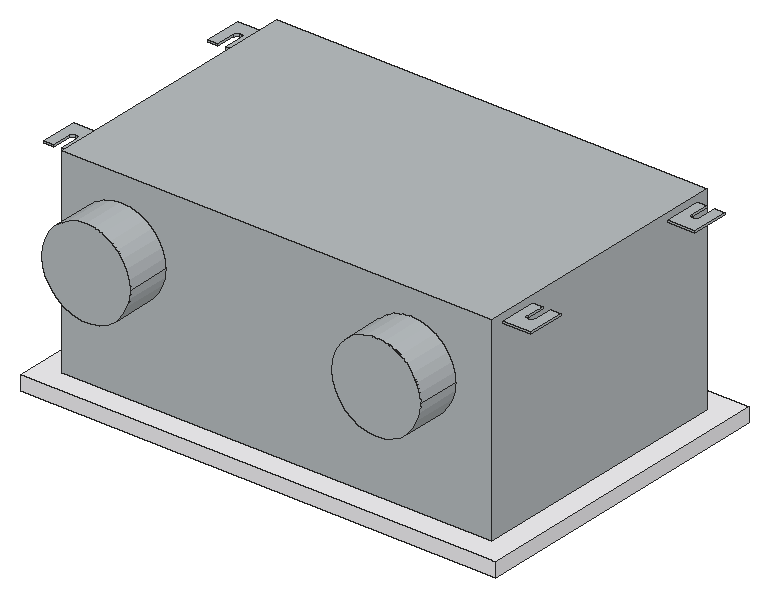
Revit family "sku-25_65ac_60Hz", category 機械設備, Revit 2019
Family settings
  丸型コネクタ寸法 = 直径を使用
  パーツ タイプ = 標準
  OmniClass 番号 = 23.75.10.34.21
  OmniClass タイトル = Heat Exchangers for Ventilation Air
  作業面ベース = いいえ
  常に垂直 = はい
  ロード時にボイドで切り取り = いいえ
  共有 = いいえ
  部屋計算ポイント = はい
Parameters (values of type "SKU-25AC")
  騒音レベル(dB(A)) = 33
  風量 = 250.0 m³/h
  面風速 = 3.93 m/s
  電源種別 [instance] = "一般"
  電圧 = 100 V
  電動機出力 = 0 W
  集中コントローラ = ""
  運転質量 = 0.00 kg
  連動 [instance] = ""
  質量 = if(製品質量 > 運転質量, 製品質量, 運転質量) * 1.2  # 16.80 kg
  負荷分類 = 3_ファン類
  説明 = "店舗用ロスナイ 全カセット形"
  設計風量 = 0.0 m³/h
  設置方法 = "カセット形"
  記号 [instance] = ""
  製造元 = "三菱電機株式会社"
  製品質量 = 14.00 kg
  製品出荷対象 = "国内"
  製品リリース年月 = "2003/5/1"
  製品グループ = ""
  系統 [instance] = ""
  符号 = "HEU"
  積算_科目 = "1 空気調和設備"
  積算_拾い区分 [instance] = ""
  相 = 1
  盤記号 [instance] = ""
  発停方法 [instance] = "別売スイッチ"
  特殊仕様 [instance] = ""
  火災停止 [instance] = ""
  温度交換効率 = 58.00%
  消費電力 = 93 W
  法定耐用年数 = "15"
  機外静圧_排気 = 0.0 Pa
  機外静圧 = 0.0 Pa
  構成部品 = "パネル"
  極数 = 2
  材質 [instance] = ""
  本体マテリアル = 溶融亜鉛めっき鋼板
  操作・制御方式 = ""
  操作・制御スイッチ = ""
  排気量 = 0.0 m³/h
  形式 = "カセット形"
  幹線記号 [instance] = ""
  対象室 [instance] = ""
  実風量 = 0.0 m³/h
  始動方式 [instance] = "直入"
  天吊金具_径 = 6.5 mm
  天吊金具_幅 = 30 mm
  外気量 = 0.0 m³/h
  呼称 = "全熱交換ユニット"
  周波数 = 60 Hz
  天吊金具ピッチ2 = 330 mm
  天吊金具ピッチ1 = 736 mm
  天吊金具_高さ = 10 mm
  参照している仕様書等のバージョン = ""
  初期抵抗 = 0.0 Pa
  分類コード = "50052504100080"
  分類グループ = ""
  価格 = 113000
  企業コード = "108420"
  付属品_フィルター_還気 = ""
  付属品_フィルター = ""
  付属品 [instance] = ""
  仕様書バージョン = "Version1.0"
  モデル = "SKU-25AC"
  パネルマテリアル = 樹脂成形
  コメント [instance] = ""
  Keynote = ""
  エンタルピ交換効率_暖房 = 44.00%
  エンタルピ交換効率_冷房 = 38.00%
  Assembly Code = ""
  Width = 690 mm
  Version = ""
  Uniclass2015Version = "Systems v1.9"
  Uniclass2015Title = "Thermal wheels"
  Uniclass2015Code = "Pr_60_60_36_88"
  URL = "https://www.mitsubishielectric.co.jp/ldg/wink/ssl/displayProduct.do?pid=42639"
  SpecificationReference = ""
  SpecificationDescription = ""
  Duct_W = 130 mm
  SAサイズ_D = 0 mm
  Revision = ""
  RAサイズ_D = 0 mm
  ProductInformation = ""
  OmniClassCode = "23-27 23 19 11"
  OAサイズ_W = 0 mm
  OAサイズ_D = 142 mm
  MIN風量 = 150.0 m³/h
  MIN静圧 = 0.0 Pa
  MAX風量 = 250.0 m³/h
  MAX静圧 = 0.0 Pa
  IfcTypeProduct = ""
  IfcProduct = ""
  IfcExportType = "ROTARYWHEEL"
  IfcExportAs = "IfcAirToAirHeatRecoveryType"
  Height = 318 mm
  EAサイズ_W = 0 mm
  EAサイズ_D = 142 mm
  Duct_Pitch = 465 mm
  Duct_Height = 111 mm
  Duct_Depth = 70 mm
  Depth = 430 mm
  Panel_Width = 763 mm
  Panel_Height = 23 mm
  Panel_Depth = 506 mm
  Author = "三菱電機株式会社"
Types (4, lengths in mm): name | 騒音レベル(dB(A)) | 風量 | 面風速 | 質量 | 製品質量 | 温度交換効率 | 消費電力 | 天吊金具ピッチ2 | 天吊金具ピッチ1 | 価格 | モデル | エンタルピ交換効率_暖房 | エンタルピ交換効率_冷房 | Width | URL | Duct_W | OAサイズ_D | MIN風量 | MAX風量 | Height | EAサイズ_D | Duct_Pitch | Duct_Height | Duct_Depth | Depth | Panel_Width | Panel_Depth
  SKU-25AC | 33 | 250.0 m³/h | 3.93 m/s | 16.80 kg | 14.00 kg | 58.00% | 93 W | 330 | 736 | 113000 | "SKU-25AC" | 44.00% | 38.00% | 690 | "https://www.mitsubishielectric.co.jp/ldg/wink/ssl/displayProduct.do?pid=42639" | 130 | 142 | 150.0 m³/h | 250.0 m³/h | 318 | 142 | 465 | 111 | 70 | 430 | 763 | 506
  SKU-35AC | 38 | 350.0 m³/h | 5.5 m/s | 17.40 kg | 14.50 kg | 51.00% | 129 W | 330 | 736 | 130000 | "SKU-35AC" | 37.00% | 31.00% | 690 | "https://www.mitsubishielectric.co.jp/ldg/wink/ssl/displayProduct.do?pid=42640" | 130 | 142 | 200.0 m³/h | 350.0 m³/h | 318 | 142 | 465 | 111 | 70 | 430 | 763 | 506
  SKU-50AC | 39 | 500.0 m³/h | 4.42 m/s | 29.40 kg | 24.50 kg | 56.00% | 189 W | 420 | 926 | 167000 | "SKU-50AC" | 43.00% | 36.00% | 880 | "https://www.mitsubishielectric.co.jp/ldg/wink/ssl/displayProduct.do?pid=42641" | 139 | 192 | 300.0 m³/h | 500.0 m³/h | 390 | 192 | 600 | 142 | 85 | 520 | 955 | 596
  SKU-65AC | 42 | 650.0 m³/h | 5.75 m/s | 29.40 kg | 24.50 kg | 53.00% | 255 W | 420 | 926 | 190000 | "SKU-65AC" | 39.00% | 33.00% | 880 | "https://www.mitsubishielectric.co.jp/ldg/wink/ssl/displayProduct.do?pid=42642" | 139 | 192 | 380.0 m³/h | 650.0 m³/h | 390 | 192 | 600 | 142 | 85 | 520 | 955 | 596
Reference planes
  plane 1 "中心(正面/背面)": y = 0
  plane 2: z = 0
  plane 3 "中心(左/右)": x = 0
  plane 4: x = -345
  plane 5: x = 345
  plane 6: y = 215
  plane 7: y = -215
  plane 8: z = 207
  plane 9: x = -250
  plane 10: x = 215
  plane 11: y = -285
  plane 12: x = -368
  plane 13: x = 368
  plane 14: y = 165
  plane 15: y = -165
  plane 16: y = 195
  plane 17: y = 135
  plane 18: y = -135
  plane 19: y = -195
  plane 20: z = 308
  plane 21: z = 305
  plane 22: x = -381.5
  plane 23: y = 253
  plane 24: y = -253
  plane 25: x = 381.5
  plane 26: z = -23
  plane 27: x = -390.5
  plane 28: x = 390.5
  plane 29: z = 318
Forms (mm)
  Extrusion 1, solid, material "溶融亜鉛めっき鋼板" <- "本体マテリアル", detail levels fine
    sketch origin (0, 0, 0) x (1, 0, 0) y (0, 1, 0)
      loop
        line (-345, 215) -> (-345, -215) -> (345, -215) -> (345, 215) -> (-345, 215)
    from 318 to 0
  Extrusion 2, solid, material "溶融亜鉛めっき鋼板" <- "本体マテリアル", detail levels fine
    sketch origin (510, -445, 0) x (-1, 0, 0) y (0, 0, -1)
      loop
        circle (295, -207) r 71
    from -230 to -160
  Extrusion 3, solid, material "溶融亜鉛めっき鋼板" <- "本体マテリアル", detail levels fine
    sketch origin (-510, -445, 0) x (1, 0, 0) y (0, 0, 1)
      loop
        circle (260, 207) r 71
    from -230 to -160
  Extrusion 4, solid, material "樹脂成形" <- "パネルマテリアル"
    sketch origin (0, 0, 0) x (1, 0, 0) y (0, 1, 0)
      loop
        line (-381.5, 253) -> (-381.5, -253) -> (381.5, -253) -> (381.5, 253) -> (-381.5, 253)
    from -23 to 0
  Extrusion 5, solid, material "溶融亜鉛めっき鋼板"
    sketch origin (0, 0, 0) x (1, 0, 0) y (0, 1, 0)
      loop
        line (-345, 195) -> (-390.5, 195) -> (-390.5, 135) -> (-374.5, 135) -> (-374.5, 165)
        arc (-374.5, 165) -> (-368, 171.5) -> (-361.5, 165) r 6.5
        line (-361.5, 165) -> (-361.5, 135) -> (-345, 135) -> (-345, 195)
    from 305 to 308
  Extrusion 6, solid, material "溶融亜鉛めっき鋼板"
    sketch origin (0, 0, 0) x (1, 0, 0) y (0, 1, 0)
      loop
        line (-345, -135) -> (-390.5, -135) -> (-390.5, -195) -> (-374.5, -195) -> (-374.5, -165)
        arc (-374.5, -165) -> (-368, -158.5) -> (-361.5, -165) r 6.5
        line (-361.5, -165) -> (-361.5, -195) -> (-345, -195) -> (-345, -135)
    from 305 to 308
  Extrusion 7, solid, material "溶融亜鉛めっき鋼板"
    sketch origin (0, 0, 0) x (-1, 0, 0) y (0, -1, 0)
      loop
        line (-345, 195) -> (-390.5, 195) -> (-390.5, 135) -> (-374.5, 135) -> (-374.5, 165)
        arc (-374.5, 165) -> (-368, 171.5) -> (-361.5, 165) r 6.5
        line (-361.5, 165) -> (-361.5, 135) -> (-345, 135) -> (-345, 195)
    from 305 to 308
  Extrusion 8, solid, material "溶融亜鉛めっき鋼板"
    sketch origin (0, 420, 0) x (-1, 0, 0) y (0, -1, 0)
      loop
        line (-345, 285) -> (-390.5, 285) -> (-390.5, 225) -> (-374.5, 225) -> (-374.5, 255)
        arc (-374.5, 255) -> (-368, 261.5) -> (-361.5, 255) r 6.5
        line (-361.5, 255) -> (-361.5, 225) -> (-345, 225) -> (-345, 285)
    from 305 to 308
Lines and regions (mm)
  Masking region 1, detail levels coarse+medium
    outline origin (1326.5, 29, 0) x (1, 0, 0) y (0, 1, 0)
      loop
        line (-1671.5, 186) -> (-1671.5, -244) -> (-981.5, -244) -> (-981.5, 186) -> (-1671.5, 186)
  symbolic lines, detail levels coarse+medium
    curve 1: line (0, 215, 0) -> (-345, 0, 0)
    curve 2: line (-345, 0, 0) -> (0, -215, 0)
    curve 3: line (0, -215, 0) -> (345, 0, 0)
    curve 4: line (345, 0, 0) -> (0, 215, 0)
Dimensions and locks
  equal spacing: plane 4, plane 3 "中心(左/右)", plane 5
  "Width": plane 4 to plane 5
  equal spacing: plane 6, plane 1 "中心(正面/背面)", plane 7
  "Depth": plane 6 to plane 7
  "Duct_Pitch": plane 10 to plane 9
  "Duct_Depth": plane 7 to plane 11
  equal spacing: plane 12, plane 3 "中心(左/右)", plane 13
  "天吊金具ピッチ1": plane 12 to plane 13
  equal spacing: plane 14, plane 1 "中心(正面/背面)", plane 15
  "天吊金具ピッチ2": plane 14 to plane 15
  equal spacing: plane 16, plane 14, plane 17
  locked: plane 20 to plane 21 at 3
  equal spacing: plane 23, plane 1 "中心(正面/背面)", plane 24
  "Panel_Depth": plane 23 to plane 24
  "Panel_Width": plane 22 to plane 25
  "Duct_W": plane 5 to plane 10
  equal spacing: plane 18, plane 15, plane 19
  "天吊金具_幅": plane 15 to plane 19
  "天吊金具_幅": plane 14 to plane 17
  locked: plane 27 to plane 12 at 22.5
  locked: plane 13 to plane 28 at 22.5
  "Height": plane 29 to level
  "天吊金具_高さ": plane 29 to plane 20
  "Duct_Height": plane 29 to plane 8
  "Panel_Height": level to plane 26
  equal spacing: plane 22, plane 3 "中心(左/右)", plane 25
  "EAサイズ_D": diameter of Extrusion 3 sketch curve
  "天吊金具_径": radius of Extrusion 5 sketch curve
  "天吊金具_径": radius of Extrusion 6 sketch curve
  "天吊金具_径": radius of Extrusion 7 sketch curve
  "天吊金具_径": radius of Extrusion 8 sketch curve
  "OAサイズ_D": diameter of Extrusion 2 sketch curve
  aligned and locked: level to plane 2
  aligned and locked: plane 7 to Extrusion 2
  aligned and locked: Extrusion 2 to plane 11
  aligned and locked: Masking region 1 to plane 4
  aligned and locked: plane 5 to Masking region 1
  aligned and locked: plane 6 to Masking region 1
  aligned and locked: Masking region 1 to plane 7
  aligned and locked: plane 13 to nested 1
  aligned and locked: plane 12 to nested 1
  aligned and locked: nested 1 to plane 15
  aligned and locked: plane 14 to nested 1
  aligned and locked: Extrusion 3 to plane 11
  aligned and locked: plane 7 to Extrusion 3
  aligned and locked: Extrusion 4 sketch curve to plane 23
  aligned and locked: plane 22 to Extrusion 4 sketch curve
  aligned and locked: plane 24 to Extrusion 4 sketch curve
  aligned and locked: Extrusion 4 sketch curve to plane 25
  aligned and locked: Extrusion 4 to plane 26
  aligned and locked: plane 4 to Extrusion 5 sketch curve
  aligned and locked: plane 16 to Extrusion 5 sketch curve
  aligned and locked: Extrusion 5 sketch curve to plane 27
  aligned and locked: Extrusion 5 sketch curve to plane 17  (x2)
  aligned and locked: plane 18 to Extrusion 6 sketch curve
  aligned and locked: plane 4 to Extrusion 6 sketch curve
  aligned and locked: Extrusion 6 sketch curve to plane 27
  aligned and locked: Extrusion 6 sketch curve to plane 19  (x2)
  aligned and locked: Extrusion 7 sketch curve to plane 19
  aligned and locked: Extrusion 7 sketch curve to plane 5
  aligned and locked: Extrusion 7 sketch curve to plane 28
  aligned and locked: Extrusion 8 sketch curve to plane 28
  aligned and locked: Extrusion 8 sketch curve to plane 17
  aligned and locked: Extrusion 8 sketch curve to plane 5
  aligned and locked: plane 16 to Extrusion 8 sketch curve  (x2)
  aligned and locked: Extrusion 6 to plane 21
  aligned and locked: plane 20 to Extrusion 6
  aligned and locked: Extrusion 5 to plane 21
  aligned and locked: plane 20 to Extrusion 5
  aligned and locked: Extrusion 7 to plane 21
  aligned and locked: plane 20 to Extrusion 7
  aligned and locked: Extrusion 8 to plane 21
  aligned and locked: plane 20 to Extrusion 8
  aligned and locked: Extrusion 1 to plane 29
  aligned and locked: Extrusion 1 to level
  aligned and locked: level to Extrusion 4
Automatic sketch dimensions
  plane 1 "中心(正面/背面)" to curve 1 = 0 mm
  curve 1 to plane 4 = 0 mm
  curve 2 to plane 3 "中心(左/右)" = 0 mm
  curve 4 to plane 3 "中心(左/右)" = 0 mm
  plane 1 "中心(正面/背面)" to curve 4 = 0 mm
  curve 4 to plane 5 = 0 mm
  curve 2 to plane 7 = 0 mm
  curve 4 to plane 6 = 0 mm
  Extrusion 1 sketch curve to plane 4 = 0 mm
  Extrusion 1 sketch curve to plane 5 = 0 mm
  Extrusion 1 sketch curve to plane 7 = 0 mm
  Extrusion 1 sketch curve to plane 6 = 0 mm
  Extrusion 2 sketch curve to plane 8 = 0 mm
  Extrusion 2 sketch curve to plane 10 = 0 mm
  Masking region 1 sketch curve to plane 4 = 0 mm
  Masking region 1 sketch curve to plane 5 = 0 mm
  Masking region 1 sketch curve to plane 7 = 0 mm
  Masking region 1 sketch curve to plane 6 = 0 mm
  Extrusion 5 sketch curve to plane 14 = 0 mm
  Extrusion 5 sketch curve to plane 12 = 0 mm
  Extrusion 6 sketch curve to plane 15 = 0 mm
  Extrusion 6 sketch curve to plane 12 = 0 mm
  Extrusion 7 sketch curve to plane 18 = 0 mm  (x2)
  Extrusion 7 sketch curve to plane 15 = 0 mm
  Extrusion 7 sketch curve to plane 13 = 0 mm
  Extrusion 8 sketch curve to plane 14 = 0 mm
  Extrusion 8 sketch curve to plane 13 = 0 mm
  Extrusion 3 sketch curve to plane 8 = 0 mm
  Extrusion 3 sketch curve to plane 9 = 0 mm
Nested families
  nested 1: "固定点" at (-368, -165, 0), type "固定点"
    with W 736 mm, D 330 mm
Connectors
  hvac at (215, -285, 207), driven by "OAサイズ_D", driven by "機外静圧", driven by "風量"
    settings: on Extrusion 2, index 2, duct flow 250.0 m³/h, flow factor 0, pres drop 0.0 Pa, loss coef 0, conn angle 0.00°, conn width 304.8 mm, conn height 304.8 mm, conn diameter 142 mm, duct sys type 4, conn prof type 0, flow config 0, flow direction 1, loss method 4, conn ref index -1, conn util no, is conn primary no, conn desc ""
  hvac at (-250, -285, 207), driven by "EAサイズ_D", driven by "風量", driven by "機外静圧"
    settings: on Extrusion 3, index 10, duct flow 250.0 m³/h, flow factor 0, pres drop 0.0 Pa, loss coef 0, conn angle 0.00°, conn width 304.8 mm, conn height 304.8 mm, conn diameter 142 mm, duct sys type 3, conn prof type 0, flow config 0, flow direction 2, loss method 4, conn ref index -1, conn util no, is conn primary yes, conn desc ""
  electrical at (0, 0, 318), driven by "極数", driven by "負荷分類", driven by "電圧", driven by "消費電力"
    settings: on Extrusion 1, index 11, voltage 100 V, apparent load 93 VA, apparent load phase1 0 VA, apparent load phase2 0 VA, apparent load phase3 0 VA, power factor 1, load classification "3_ファン類", number of poles 2, system type 30, power factor state 1, is connector primary yes, connector utility no, sub classification motor no, connector description ""
Definition of nested family "固定点"
  Parameters (values of type "固定点")
    中心円 = 20 mm
    W [instance] = 1000 mm
    D [instance] = 1000 mm
  Reference planes
    plane 1 "中心(正面/背面)": y = 0
    plane 2: z = 0
    plane 3 "中心(左/右)": x = 0
    plane 4: x = 1000
    plane 5: y = 1000
  Lines and regions (mm)
    symbolic lines, detail levels fine
      curve 1: circle (0, 1000, 0) r 10 normal (0, 0, 1)
      curve 2: circle (0, 0, 0) r 10 normal (0, 0, 1)
      curve 3: circle (1000, 1000, 0) r 10 normal (0, 0, 1)
      curve 4: circle (1000, 0, 0) r 10 normal (0, 0, 1)
      curve 5: line (-200, 1000, 0) -> (1200, 1000, 0)
      curve 6: line (-200, 0, 0) -> (1200, 0, 0)
      curve 7: line (0, 1200, 0) -> (0, -200, 0)
      curve 8: line (1000, 1200, 0) -> (1000, -200, 0)
  Dimensions and locks
    "W": plane 3 "中心(左/右)" to plane 4
    "D": plane 1 "中心(正面/背面)" to plane 5
    "中心円": diameter of curve 1
    "中心円": diameter of curve 2
    "中心円": diameter of curve 3
    "中心円": diameter of curve 4
    aligned and locked: level to plane 2
    aligned and locked: plane 5 to curve 1
    aligned and locked: plane 3 "中心(左/右)" to curve 1
    aligned and locked: plane 3 "中心(左/右)" to curve 2
    aligned and locked: plane 1 "中心(正面/背面)" to curve 2
    aligned and locked: plane 4 to curve 3
    aligned and locked: plane 5 to curve 3
    aligned and locked: plane 1 "中心(正面/背面)" to curve 4
    aligned and locked: plane 4 to curve 4
    aligned and locked: plane 1 "中心(正面/背面)" to curve 6
    aligned and locked: curve 7 to plane 3 "中心(左/右)"
    aligned and locked: curve 8 to plane 4
  Automatic sketch dimensions
    curve 5 to plane 5 = 0 mm
    curve 6 to plane 3 "中心(左/右)" = 200 mm
    curve 5 to plane 3 "中心(左/右)" = 200 mm
    curve 4 to curve 6 = 200 mm
    curve 3 to curve 5 = 200 mm
    plane 1 "中心(正面/背面)" to curve 8 = 200 mm
    plane 1 "中心(正面/背面)" to curve 7 = 200 mm
    curve 3 to curve 8 = 200 mm
    curve 1 to curve 7 = 200 mm
